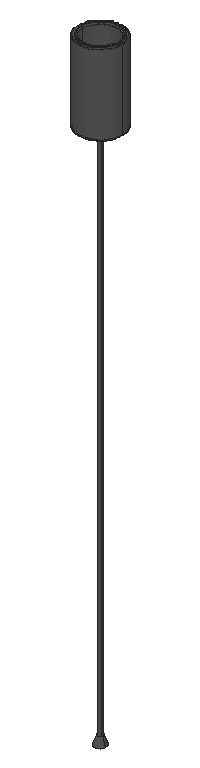
Revit family "CARLO CYLINDER LIGHT Pendant_ Surface", category Lighting Fixtures, host Face, Revit 2020 (continued)
Types (13): name | Wattage_Input | Wattage Comments | Wattage | built-in parameter 1150134 | Size 08 | Size 04 | Photometric Web File | built-in parameter 1150142 | Model | built-in parameter 1150105 | Lumens | built-in parameter 1150107 | built-in parameter 1150106 | Fixture Height | Fixture Diameter | BEAMING ANGLE | Apparent Load
    7877 8.9532 \r\n 9.1145 9.2517 9.3767 9.4854 9.5699 9.6259 9.6499 9.6497 9.6334 9.5968 \r\n 9.5359 9.4549 9.3539 9.249 9.1481 9.0556 8.9916 8.9757 8.9802 9.0287 \r\n 9.2385 \r\n6620.4 6512.7 6337.3 6096.8 5769.4 5375.5 4936.1 4466.6 3990.5 3530.3 \r\n 3082.6 2655.5 2275.3 1953.2 1673.2 1442 1245 1106.6 968.85 870.12 \r\n 798 744.97 703.26 672.02 648.04 628.81 613.25 602.39 593.76 586.82 \r\n 579.71 570.95 562.87 546.78 535.14 520.34 494.26 456.89 411.01 360.96 \r\n 310.92 258.26 206.4 154.38 112.74 71.186 44.383 37.215 33.644 29.231 \r\n 26.16 23.416 21.105 18.898 16.684 14.213 11.945 9.6985 7.8503 6.0416 \r\n 4.5914 3.513 2.7998 2.271 1.8724 1.5956 1.3882 1.2658 1.1643 1.0951 \r\n 1.0141 0.96113 0.89652 0.83165 0.77882 0.71406 0.65722 0.60045 0.53162 0.47878 \r\n 0.41802 0.3572 0.29638 0.24375 0.19104 0.14234 0.097701 0.049082 0.00042468 0 \r\n 0 0 0 0 0 0 0 0 0 0 \r\n 0 0 0 0.0040221 0.016123 0.036335 0.068596 0.10103 0.12544 0.16182 \r\n 0.19429 0.24281 0.2794 0.33198 0.37665 0.42527 0.48198 0.53458 0.5913 0.6561 \r\n 0.72499 0.78589 0.86278 0.93178 1.0088 1.0938 1.179 1.2682 1.3692 1.4786 \r\n 1.5921 1.7337 1.8756 2.0336 2.2159 2.4064 2.6211 2.8521 3.1073 3.3668 \r\n 3.6537 3.9496 4.2657 4.594 4.9265 5.267 5.6036 5.9441 6.2727 6.593 \r\n 6.9013 7.1966 7.4725 7.7201 7.9594 8.1826 8.3815 8.5761 8.7547 8.917 \r\n 9.0752 9.2172 9.3427 9.4483 9.5336 9.5907 9.6394 9.6599 9.6561 9.6561 \r\n 9.5998 9.5148 9.4055 9.2924 9.1748 9.0813 9.0121 8.9834 8.9791 8.9952 \r\n 9.2385 \r\n6620.4 6527.5 6352.6 6114.2 5796.5 5411.3 4977.4 4516.1 4039.7 3576.4 \r\n 3129.5 2708.5 2319.2 1988.7 1717.6 1478.2 1278.2 1132.8 988.14 888.06 \r\n 811.76 753.51 712.13 679.48 654.33 634.41 619.95 607.71 598.43 590.08 \r\n 583.94 576.35 568.15 550.54 536.99 522.64 497.14 461.98 417.44 368.86 \r\n 318.62 263.94 213.63 161.03 119.67 78.454 51.126 40.2 34.504 29.367 \r\n 26.336 23.333 21.212 18.927 16.952 14.613 12.095 9.8084 7.9665 6.1841 \r\n 4.7072 3.6588 2.8811 2.3213 1.8931 1.6225 1.4125 1.2851 1.1938 1.1186 \r\n 1.0435 0.9802 0.91716 0.85785 0.79468 0.73537 0.68002 0.6169 0.55759 0.49051 \r\n 0.42726 0.37186 0.31264 0.26134 0.20218 0.15462 0.10331 0.059757 0.00068001 0 \r\n 0 0 0 0 0 0 0 0 0 0 \r\n 0 0 0 0.0039081 0.023495 0.051069 0.07865 0.11801 0.14581 0.18127 \r\n 0.22854 0.26814 0.31937 0.37073 0.42209 0.47736 0.53267 0.59563 0.65494 0.722 \r\n 0.78526 0.85628 0.92349 1.0024 1.0814 1.1721 1.2552 1.3499 1.4561 1.5745 \r\n 1.7125 1.8547 2.0087 2.1823 2.3834 2.5966 2.8295 3.0783 3.3545 3.6428 \r\n 3.946 4.2658 4.5898 4.9332 5.2692 5.605 5.9447 6.2766 6.6007 6.909 \r\n 7.2016 7.4619 7.7305 7.964 8.1776 8.3753 8.5533 8.7194 8.8775 9.016 \r\n 9.1504 9.2808 9.3874 9.4941 9.5773 9.6525 9.7041 9.7282 9.7402 9.7442 \r\n 9.7286 9.6659 9.591 9.5083 9.4214 9.354 9.2908 9.2588 9.2467 9.2778 \r\n 9.2385 \r\n6620.4 6571.8 6435.9 6225.7 5944.7 5596 5176.2 4733.5 4270.5 3802.5 \r\n 3358.2 2926.8 2546.2 2166.2 1859.5 1600 1382.6 1195 1048.4 937.28 \r\n 848.12 782.31 732.11 692.81 665 640.51 624.58 611.63 600.37 591.92 \r\n 585.61 578.08 570.06 553.92 540.64 527.13 506.76 475.71 434.54 388.44 \r\n 336.74 286.7 234.16 181.66 133.74 92.893 61.981 43.226 37.835 32.938 \r\n 29.153 25.077 21.865 19.643 17.539 15.221 13.115 10.542 8.5921 6.7866 \r\n 5.2365 4.0597 3.2272 2.593 2.1026 1.7459 1.4961 1.3139 1.1988 1.1037 \r\n 1.0321 0.95687 0.90897 0.83764 0.78587 0.7225 0.66288 0.59931 0.53577 0.47617 \r\n 0.41654 0.353 0.29344 0.23785 0.1862 0.13447 0.075154 0.031539 0 0 \r\n 0 0 0 0 0 0 0 0 0 0 \r\n 0.000063 0.0081069 0.027939 0.043798 0.055788 0.075763 0.10751 0.13544 0.17509 0.20688 \r\n 0.25058 0.29432 0.34196 0.38574 0.43742 0.49305 0.54871 0.6083 0.66794 0.73151 \r\n 0.79494 0.86251 0.93406 1.0096 1.0891 1.1725 1.2559 1.3396 1.4469 1.5583 \r\n 1.6855 1.8128 1.9635 2.1266 2.3174 2.5161 2.727 2.9734 3.22 3.5022 \r\n 3.7924 4.0984 4.4165 4.7533 5.0909 5.4209 5.7743 6.1081 6.4457 6.7634 \r\n 7.0652 7.3551 7.6251 7.8831 8.1089 8.3232 8.5138 8.6925 8.8593 9.0142 \r\n 9.1572 9.3 9.4191 9.5223 9.6215 9.7045 9.7639 9.7875 9.7874 9.7753 \r\n 9.7394 9.6875 9.6121 9.5365 9.4572 9.3897 9.3307 9.3308 9.339 9.3784 \r\n 9.2385 \r\n6620.4 6599.8 6479.4 6286.8 6031.4 5701.1 5309.3 4879.8 4420.5 3960.7 \r\n 3508.5 3072.4 2652.2 2269.5 1956.7 1681.2 1446.1 1249.1 1107.1 965.73 \r\n 871.15 798.49 744.75 702.73 669.82 645.33 626.44 612.96 601.86 591.65 \r\n 584.02 576.77 569.22 553.98 540.51 527.01 510.97 479.7 439.23 393.76 \r\n 341.75 292.02 238.93 189.14 139.31 101.01 62.843 43.449 36.996 32.016 \r\n 27.044 23.886 21.389 19.203 17.23 15.181 12.713 10.539 8.5825 6.8963 \r\n 5.2723 4.1455 3.257 2.6118 2.1233 1.7825 1.5184 1.3616 1.2376 1.1336 \r\n 1.0654 0.98974 0.94566 0.87816 0.82217 0.76238 0.70255 0.64272 0.57894 0.52301 \r\n 0.45928 0.39546 0.33953 0.2799 0.22007 0.176 0.1203 0.072341 0.024476 0.00026878 \r\n 0 0 0 0 0 0 0 0 0 0 \r\n 0 0 0 0 0.0078933 0.027714 0.055479 0.079461 0.12309 0.15121 \r\n 0.19489 0.23483 0.2826 0.33047 0.38228 0.43808 0.48603 0.54951 0.60545 0.67312 \r\n 0.73698 0.8008 0.87251 0.94825 1.028 1.1038 1.1914 1.2713 1.3745 1.4861 \r\n 1.6096 1.7372 1.8884 2.04 2.2231 2.4185 2.6257 2.8608 3.1158 3.3751 \r\n 3.6533 3.9601 4.2751 4.6099 4.945 5.284 5.6152 5.9581 6.2853 6.6084 \r\n 6.9157 7.2063 7.4817 7.7372 7.9649 8.1805 8.3801 8.5559 8.7196 8.8752 \r\n 9.0268 9.1626 9.286 9.3979 9.4859 9.5658 9.6337 9.6897 9.6943 9.6983 \r\n 9.7023 9.6589 9.5993 9.5199 9.4598 9.3803 9.332 9.2842 9.26 9.2597 \r\n 9.2385 \r\n6620.4 6641.8 6555.3 6380.5 6148.4 5865.4 5505.4 5100.8 4666.8 4193.7 \r\n 3739.2 3295.9 2855.5 2471.7 2124 1820.2 1565 1342.5 1166.9 1023.6 \r\n 912.2 830.23 768.66 720.64 685.85 656.39 633.22 616.73 604.49 593.05 \r\n 583.94 577.26 569.85 556.11 542.4 530.69 516.17 491.11 453.1 406.19 \r\n 354.38 305.28 253.57 201.85 149.01 104.97 68.792 45.359 37.114 31.433 \r\n 26.6 23.608 21.494 19.48 17.317 15.233 13.004 11.028 9.024 7.2987 \r\n 5.7075 4.4565 3.5096 2.8221 2.2799 1.892 1.5963 1.3845 1.2445 1.1288 \r\n 1.0606 0.98468 0.92857 0.8684 0.80046 0.74853 0.69642 0.64021 0.56827 0.51606 \r\n 0.44796 0.37986 0.31191 0.25972 0.19578 0.14767 0.095797 0.051702 0.0039738 0 \r\n 0 0 0 0 0 0 0 0 0 0 \r\n 0 0.000066 0.0081109 0.020198 0.040263 0.064298 0.088333 0.11248 0.14854 0.18446 \r\n 0.21663 0.2647 0.3127 0.35286 0.4049 0.45308 0.51313 0.56925 0.62934 0.68946 \r\n 0.75341 0.82151 0.88964 0.96181 1.0419 1.1181 1.2062 1.2944 1.3826 1.4869 \r\n 1.5992 1.7314 1.8634 2.0198 2.1921 2.3765 2.5731 2.8054 3.0381 3.3025 \r\n 3.5711 3.8677 4.1762 4.492 4.8285 5.1689 5.5054 5.842 6.1902 6.5067 \r\n 6.819 7.1194 7.4114 7.6637 7.9113 8.1434 8.3476 8.5357 8.704 8.8721 \r\n 9.0243 9.1764 9.3124 9.4324 9.5285 9.6203 9.7002 9.7518 9.7518 9.7518 \r\n 9.7435 9.7073 9.655 9.5789 9.5029 9.4388 9.3708 9.3192 9.2993 9.2993 \r\n 9.2385 \r\n6620.4 6652.3 6568 6397.9 6165.2 5903.7 5559.2 5163.1 4721.7 4267.2 \r\n 3801.1 3347.9 2919.3 2515.1 2160.6 1844.2 1583.4 1360.8 1169.9 1045.3 \r\n 921.53 833.22 773.31 723.13 684.52 655.37 632.32 615.14 601.04 590.77 \r\n 580.93 573.35 566.01 548.86 536.53 525.2 512.07 487.51 449.01 404.05 \r\n 349.99 300.35 242.91 192.15 141.99 103.46 65.068 44.767 37.827 31.722 \r\n 26.838 23.61 21.413 19.408 17.365 15.227 13.059 10.995 9.1181 7.4182 \r\n 5.8075 4.5112 3.5 2.7541 2.2137 1.8503 1.6001 1.4108 1.2975 1.1891 \r\n 1.1165 1.0402 0.99191 0.93581 0.86771 0.81137 0.74723 0.69094 0.6268 0.56257 \r\n 0.49834 0.43808 0.3739 0.30984 0.24561 0.19724 0.14511 0.096885 0.05268 0.00058608 \r\n 0 0 0 0 0 0 0 0 0 0 \r\n 0 0 0 0 0 0.015892 0.043795 0.06793 0.10788 0.13612 \r\n 0.18009 0.22028 0.26042 0.31644 0.3647 0.42082 0.46908 0.52504 0.5852 0.64938 \r\n 0.70965 0.7778 0.84604 0.92222 1.0025 1.0788 1.163 1.2433 1.3432 1.4436 \r\n 1.5637 1.6881 1.8245 1.9848 2.1453 2.3377 2.5383 2.7589 3.0114 3.2643 \r\n 3.5364 3.8371 4.1461 4.475 4.8002 5.1373 5.4666 5.8116 6.141 6.4582 \r\n 6.7793 7.0719 7.357 7.6222 7.8594 8.0962 8.2894 8.4821 8.6549 8.8156 \r\n 8.9762 9.1249 9.2611 9.3857 9.4903 9.5788 9.6553 9.7117 9.752 9.7644 \r\n 9.7645 9.7645 9.7089 9.6291 9.5409 9.4605 9.3802 9.3078 9.2633 9.2589 \r\n 9.2385 \r\n" | "CCL4-07-20SPSW8-25-PSM-BK" | 135.28 (stored number, unit not read) | 1700 lm | 2700 (stored number, unit not read) | 1.3528 (stored number, unit not read) | 0' - 7 51/256" | 0' - 4" | 25.00° | 20 VA
